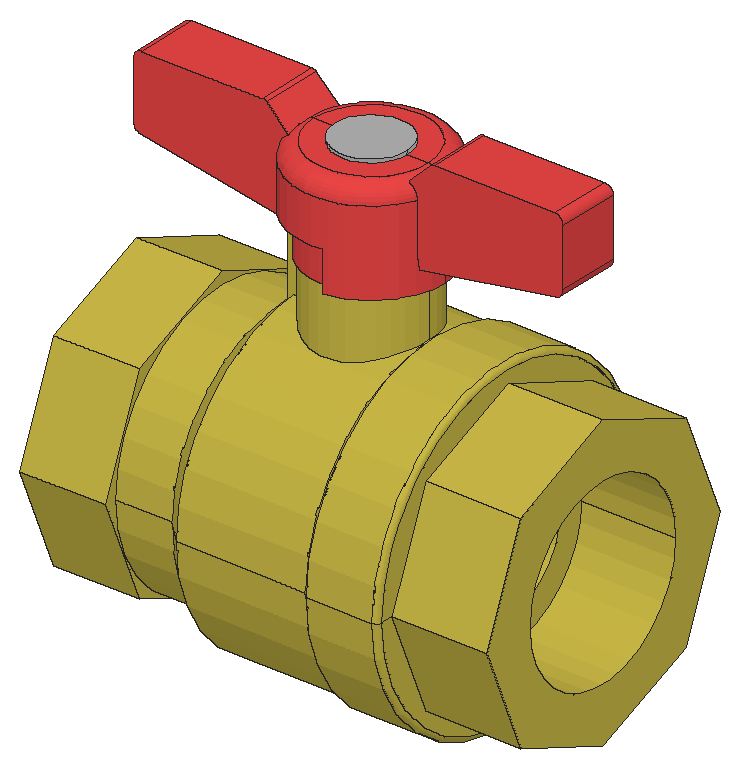
Revit family "QA01560000", category Apparecchi idraulici, Revit 2016
Family settings
  Tipo di parte = Normale
  Quota connettore circolare = Usa diametro
  Numero OmniClass = 23.45.00.00
  Titolo OmniClass = Sanitary, Laundry, and Cleaning Equipment
  Basato su piano di lavoro = No
  Sempre verticale = Sì
  Taglio con vuoti quando caricato = No
  Condiviso = No
  Punto di calcolo locali = No
Parameters
  URL = "https://web.cimberio.it/index.php/figura/1029?subcategoria_id=41693"
  DN Model [instance] = QA01561032 : QA01561032
  DN [instance] = 32 mm
Reference planes
  plane 1 "Centro (Fronte/Retro)": y = 0
  plane 2: z = 0
  plane 3 "Centro (Sinistra/Destra)": x = 0
Dimensions and locks
  aligned and locked: level to plane 2
Nested families
  nested 1: "QA01561032" at (0, 0, 0), type <- "DN Model", type "QA01561032"
  nested 2: "QA01561032" at (0, 0, 0), type <- "DN Model", type "QA01561032"
  nested 3: "QA01561032" at (0, 0, 0), type <- "DN Model", type "QA01561032"
  nested 4: "QA01561032" at (0, 0, 0), type <- "DN Model", type "QA01561032"
  nested 5: "QA01561032" at (0, 0, 0), type <- "DN Model", type "QA01561032"
  nested 6: "QA01561032" at (0, 0, 0), type <- "DN Model", type "QA01561032"
Connectors
  piping at (40.45, 0, 0), diameter 32, driven by "DN"
    settings: on nested 1, index 1, connector inside diameter 609.6 mm, connector length 0 mm, flow factor 0, pipe flow 0.0 L/s, pressure drop 0.0 Pa, fitting loss kfactor 0, connector angle 0.00°, fixture units 0, engagement length 0 mm, angle of deflection 0.00°, flow configuration 0, flow direction 0, fitting loss method 0, system type 7, joint type 0, gender type 0, connector reference index -1, connector utility 0, adjustable connector no, is connector primary yes, connector description ""
  piping at (-41, 0, 0), diameter 32, driven by "DN"
    settings: on nested 1, index 2, connector inside diameter 609.6 mm, connector length 0 mm, flow factor 0, pipe flow 0.0 L/s, pressure drop 0.0 Pa, fitting loss kfactor 0, connector angle 0.00°, fixture units 0, engagement length 0 mm, angle of deflection 0.00°, flow configuration 0, flow direction 0, fitting loss method 0, system type 7, joint type 0, gender type 0, connector reference index -1, connector utility 0, adjustable connector no, is connector primary no, connector description ""
Definition of nested family "QA01561032"
  Reference planes
    plane 1 "Centro (Fronte/Retro)": y = 0
    plane 2: z = 0
    plane 3 "Centro (Sinistra/Destra)": x = 0
  Forms (mm)
    Revolve 1, solid
      sketch origin (0, 0, 0) x (0, 1, 0) y (-1, 0, 0)
        loop
          line (11.385, 26) -> (11.385, -23.85) -> (27.501, -23.85)
          arc (27.501, -23.85) -> (28.169, -23.593) -> (28.495, -22.955) r 1
          line (28.495, -22.955) -> (28.495, -11.445) -> (27.5, -10.45) -> (27.5, 12.05) -> (23.495, 16.055) -> (23.495, 26) -> (11.385, 26)
        axis (0, 26) -> (0, -23.85)
      angle from 0 to 360
    Extrusion 2, solid
      sketch origin (0, 0, 58.3) x (0, 1, 0) y (-1, 0, 0)
        loop
          circle (0, 0) r 10.2
        loop
          circle (0, 0) r 7.709
      from -35.267 to -7.961
    Revolve 3, solid
      sketch origin (0, 0, 0) x (1, 0, 0) y (0, 0, 1)
        loop
          line (0, 54.983) -> (-9.994, 54.983)
          arc (-9.994, 54.983) -> (-12.105, 54.109) -> (-12.98, 51.998) r 2.985
          line (-12.98, 51.998) -> (-12.98, 37.3) -> (-7.705, 37.3) -> (-7.705, 50.339) -> (0, 50.339) -> (0, 54.983)
        axis (0, 54.983) -> (0, 37.3)
      angle from 0 to 360
    Extrusion 4, void
      sketch origin (0, 0, 58.3) x (0, 1, 0) y (-1, 0, 0)
        loop
          arc (0, 16.105) -> (-11.986, 10.756) -> (-16.01, -1.738) r 16.105
          line (-16.01, -1.738) -> (-10.635, -1.738)
          arc (-10.635, -1.738) -> (-8.211, 6.978) -> (0, 10.776) r 10.776
          line (0, 10.776) -> (0, 16.105)
      from -22.832 to -14
    Extrusion 5, solid
      sketch origin (0, 0, 55) x (0, 1, 0) y (-1, 0, 0)
        loop
          circle (0, 0) r 6.25
      from 0 to 0.582
    Extrusion 6, solid
      sketch origin (-26, 0, 0) x (0, 1, 0) y (0, 0, -1)
        loop
          circle (0, 0) r 16
        loop
          line (0, -25.45) -> (17.996, -17.996) -> (25.45, 0) -> (17.996, 17.996) -> (0, 25.45) -> (-17.996, 17.996) -> (-25.45, 0) -> (-17.996, -17.996) -> (0, -25.45)
      from 0 to 15
    Extrusion 7, solid
      sketch origin (26, 0, 0) x (0, 1, 0) y (0, 0, 1)
        loop
          circle (0, 0) r 16
        loop
          line (0, 25.45) -> (-17.996, 17.996) -> (-25.45, 0) -> (-17.996, -17.996) -> (0, -25.45) -> (17.996, -17.996) -> (25.45, 0) -> (17.996, 17.996) -> (0, 25.45)
      from -2.15 to 14.45
    Extrusion 8, solid
      sketch origin (0, 0, 0) x (1, 0, 0) y (0, 0, 1)
        loop
          arc (-14.32, 58.221) -> (-14.645, 58.438) -> (-15.027, 58.514) r 1
          line (-15.027, 58.514) -> (-36.026, 58.514)
          arc (-36.026, 58.514) -> (-37.088, 58.075) -> (-37.527, 57.014) r 1.5
          line (-37.527, 57.014) -> (-37.527, 46.991)
          arc (-37.527, 46.991) -> (-37.177, 46.027) -> (-36.288, 45.514) r 1.5
          line (-36.288, 45.514) -> (-12.533, 41.325) -> (-10.268, 54.169) -> (-14.32, 58.221)
        loop
          line (14.32, 58.221) -> (10.268, 54.169) -> (12.533, 41.325) -> (36.288, 45.514)
          arc (36.288, 45.514) -> (37.177, 46.027) -> (37.527, 46.991) r 1.5
          line (37.527, 46.991) -> (37.527, 57.014)
          arc (37.527, 57.014) -> (37.088, 58.075) -> (36.026, 58.514) r 1.5
          line (36.026, 58.514) -> (15.027, 58.514)
          arc (15.027, 58.514) -> (14.645, 58.438) -> (14.32, 58.221) r 1
      from -5.854 to 5
    Extrusion 9, solid
      sketch origin (0, 0, 0) x (1, 0, 0) y (0, 0, 1)
        loop
          line (-13.094, 37.19) -> (-13.094, 25.659) -> (-9.22, 25.659) -> (-9.22, 37.19) -> (-13.094, 37.19)
      from 0 to 1.816
  Cuts and joins
    Extrusion 4 cuts Revolve 3
    joined: Revolve 1, Extrusion 2, Extrusion 9
  Dimensions and locks
    aligned and locked: level to plane 2
